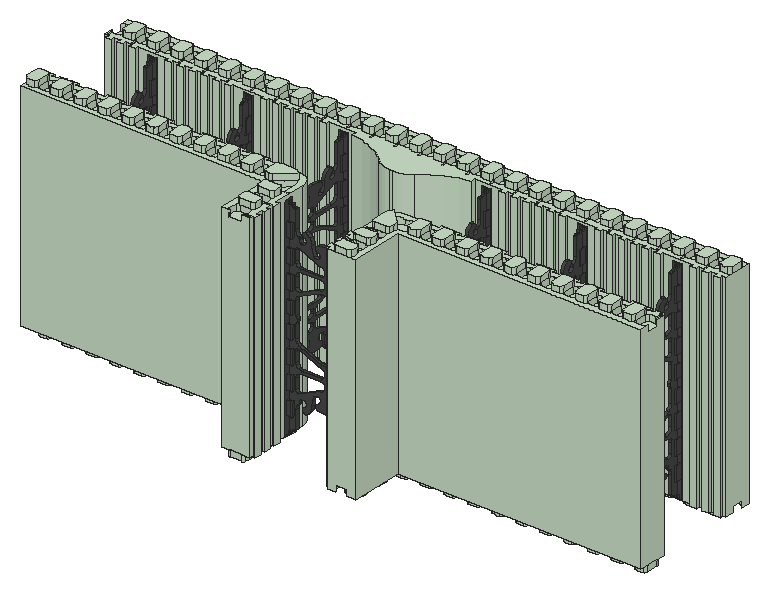
Revit family (continued)
Forms (in)
  Extrusion 46, void
    sketch origin (7.99998, -0.00002, 0) x (0, -1, 0) y (1, 0, 0)
      loop
        arc (-5.13595, -25.8269) -> (-5.04517, -25.95213) -> (-4.89808, -25.99998) r 0.25
        line (-4.89808, -25.99998) -> (-3.97692, -25.99998)
        arc (-3.97692, -25.99998) -> (-3.88568, -25.98274) -> (-3.80702, -25.93338) r 0.25
        arc (-3.80702, -25.93338) -> (-3.78736, -25.92104) -> (-3.76455, -25.91673) r 0.0625
        line (-3.76455, -25.91673) -> (-3.41845, -25.91673) -> (-3.41845, -25.7459) -> (-3.64005, -25.7459)
        arc (-3.64005, -25.7459) -> (-3.68771, -25.72383) -> (-3.70172, -25.67321) r 0.0625
        arc (-3.70172, -25.67321) -> (-3.69045, -25.4209) -> (-3.73905, -25.17306) r 1.0625
        arc (-3.73905, -25.17306) -> (-3.82983, -25.04783) -> (-3.97692, -24.99998) r 0.25
        line (-3.97692, -24.99998) -> (-4.89808, -24.99998)
        arc (-4.89808, -24.99998) -> (-5.04517, -25.04783) -> (-5.13595, -25.17306) r 0.25
    from 18 to 17.5
  Extrusion 47, void
    sketch origin (9.99998, -0.00002, 0) x (0, -1, 0) y (1, 0, 0)
      loop
        arc (-5.13595, -25.17306) -> (-5.1875, -25.49998) -> (-5.13595, -25.8269) r 1.0625
        arc (-5.13595, -25.8269) -> (-5.04517, -25.95213) -> (-4.89808, -25.99998) r 0.25
        line (-4.89808, -25.99998) -> (-3.97692, -25.99998)
        arc (-3.97692, -25.99998) -> (-3.88568, -25.98274) -> (-3.80702, -25.93338) r 0.25
        arc (-3.80702, -25.93338) -> (-3.78736, -25.92104) -> (-3.76455, -25.91673) r 0.0625
        line (-3.76455, -25.91673) -> (-3.41845, -25.91673) -> (-3.41845, -25.7459) -> (-3.64005, -25.7459)
        arc (-3.64005, -25.7459) -> (-3.68771, -25.72383) -> (-3.70172, -25.67321) r 0.0625
        arc (-3.70172, -25.67321) -> (-3.69045, -25.4209) -> (-3.73905, -25.17306) r 1.0625
        arc (-3.73905, -25.17306) -> (-3.82983, -25.04783) -> (-3.97692, -24.99998) r 0.25
        line (-3.97692, -24.99998) -> (-4.89808, -24.99998)
        arc (-4.89808, -24.99998) -> (-5.04517, -25.04783) -> (-5.13595, -25.17306) r 0.25
    from 18 to 17.5
  Extrusion 48, void
    sketch origin (11.99998, -0.00002, 0) x (0, -1, 0) y (1, 0, 0)
      loop
        arc (-5.13595, -25.17306) -> (-5.1875, -25.49998) -> (-5.13595, -25.8269) r 1.0625
        arc (-5.13595, -25.8269) -> (-5.04517, -25.95213) -> (-4.89808, -25.99998) r 0.25
        line (-4.89808, -25.99998) -> (-3.97692, -25.99998)
        arc (-3.97692, -25.99998) -> (-3.88568, -25.98274) -> (-3.80702, -25.93338) r 0.25
        arc (-3.80702, -25.93338) -> (-3.78736, -25.92104) -> (-3.76455, -25.91673) r 0.0625
        line (-3.76455, -25.91673) -> (-3.41845, -25.91673) -> (-3.41845, -25.7459) -> (-3.64005, -25.7459)
        arc (-3.64005, -25.7459) -> (-3.68771, -25.72383) -> (-3.70172, -25.67321) r 0.0625
        arc (-3.70172, -25.67321) -> (-3.69045, -25.4209) -> (-3.73905, -25.17306) r 1.0625
        arc (-3.73905, -25.17306) -> (-3.82983, -25.04783) -> (-3.97692, -24.99998) r 0.25
        line (-3.97692, -24.99998) -> (-4.89808, -24.99998)
        arc (-4.89808, -24.99998) -> (-5.04517, -25.04783) -> (-5.13595, -25.17306) r 0.25
    from 18 to 17.5
  Extrusion 49, void
    sketch origin (13.99998, -0.00002, 0) x (0, -1, 0) y (1, 0, 0)
      loop
        arc (-5.13595, -25.17306) -> (-5.1875, -25.49998) -> (-5.13595, -25.8269) r 1.0625
        arc (-5.13595, -25.8269) -> (-5.04517, -25.95213) -> (-4.89808, -25.99998) r 0.25
        line (-4.89808, -25.99998) -> (-3.97692, -25.99998)
        arc (-3.97692, -25.99998) -> (-3.88568, -25.98274) -> (-3.80702, -25.93338) r 0.25
        arc (-3.80702, -25.93338) -> (-3.78736, -25.92104) -> (-3.76455, -25.91673) r 0.0625
        line (-3.76455, -25.91673) -> (-3.41845, -25.91673) -> (-3.41845, -25.7459) -> (-3.64005, -25.7459)
        arc (-3.64005, -25.7459) -> (-3.68771, -25.72383) -> (-3.70172, -25.67321) r 0.0625
        arc (-3.70172, -25.67321) -> (-3.69045, -25.4209) -> (-3.73905, -25.17306) r 1.0625
        arc (-3.73905, -25.17306) -> (-3.82983, -25.04783) -> (-3.97692, -24.99998) r 0.25
        line (-3.97692, -24.99998) -> (-4.89808, -24.99998)
        arc (-4.89808, -24.99998) -> (-5.04517, -25.04783) -> (-5.13595, -25.17306) r 0.25
    from 18 to 17.5
  Extrusion 50, void
    sketch origin (5.99998, -0.00002, 0) x (0, -1, 0) y (1, 0, 0)
      loop
        arc (-5.13595, -25.17306) -> (-5.1875, -25.49998) -> (-5.13595, -25.8269) r 1.0625
        arc (-5.13595, -25.8269) -> (-5.04517, -25.95213) -> (-4.89808, -25.99998) r 0.25
        line (-4.89808, -25.99998) -> (-3.97692, -25.99998)
        arc (-3.97692, -25.99998) -> (-3.88568, -25.98274) -> (-3.80702, -25.93338) r 0.25
        arc (-3.80702, -25.93338) -> (-3.78736, -25.92104) -> (-3.76455, -25.91673) r 0.0625
        line (-3.76455, -25.91673) -> (-3.41845, -25.91673) -> (-3.41845, -25.7459) -> (-3.64005, -25.7459)
        arc (-3.64005, -25.7459) -> (-3.68771, -25.72383) -> (-3.70172, -25.67321) r 0.0625
        arc (-3.70172, -25.67321) -> (-3.69045, -25.4209) -> (-3.73905, -25.17306) r 1.0625
        arc (-3.73905, -25.17306) -> (-3.82983, -25.04783) -> (-3.97692, -24.99998) r 0.25
        line (-3.97692, -24.99998) -> (-4.89808, -24.99998)
        arc (-4.89808, -24.99998) -> (-5.04517, -25.04783) -> (-5.13595, -25.17306) r 0.25
    from 18 to 17.5
  Extrusion 51, void
    sketch origin (-0.00002, -0.00002, 0) x (0, -1, 0) y (1, 0, 0)
      loop
        arc (-5.13595, -25.17306) -> (-5.1875, -25.49998) -> (-5.13595, -25.8269) r 1.0625
        arc (-5.13595, -25.8269) -> (-5.04517, -25.95213) -> (-4.89808, -25.99998) r 0.25
        line (-4.89808, -25.99998) -> (-3.97692, -25.99998)
        arc (-3.97692, -25.99998) -> (-3.88568, -25.98274) -> (-3.80702, -25.93338) r 0.25
        arc (-3.80702, -25.93338) -> (-3.78736, -25.92104) -> (-3.76455, -25.91673) r 0.0625
        line (-3.76455, -25.91673) -> (-3.41845, -25.91673) -> (-3.41845, -25.7459) -> (-3.64005, -25.7459)
        arc (-3.64005, -25.7459) -> (-3.68771, -25.72383) -> (-3.70172, -25.67321) r 0.0625
        arc (-3.70172, -25.67321) -> (-3.69045, -25.4209) -> (-3.73905, -25.17306) r 1.0625
        arc (-3.73905, -25.17306) -> (-3.82983, -25.04783) -> (-3.97692, -24.99998) r 0.25
        line (-3.97692, -24.99998) -> (-4.89808, -24.99998)
        arc (-4.89808, -24.99998) -> (-5.04517, -25.04783) -> (-5.13595, -25.17306) r 0.25
    from 18 to 17.5
  Extrusion 52, void
    sketch origin (1.99998, -0.00002, 0) x (0, -1, 0) y (1, 0, 0)
      loop
        arc (-5.13595, -25.17306) -> (-5.1875, -25.49998) -> (-5.13595, -25.8269) r 1.0625
        arc (-5.13595, -25.8269) -> (-5.04517, -25.95213) -> (-4.89808, -25.99998) r 0.25
        line (-4.89808, -25.99998) -> (-3.97692, -25.99998)
        arc (-3.97692, -25.99998) -> (-3.88568, -25.98274) -> (-3.80702, -25.93338) r 0.25
        arc (-3.80702, -25.93338) -> (-3.78736, -25.92104) -> (-3.76455, -25.91673) r 0.0625
        line (-3.76455, -25.91673) -> (-3.41845, -25.91673) -> (-3.41845, -25.7459) -> (-3.64005, -25.7459)
        arc (-3.64005, -25.7459) -> (-3.68771, -25.72383) -> (-3.70172, -25.67321) r 0.0625
        arc (-3.70172, -25.67321) -> (-3.69045, -25.4209) -> (-3.73905, -25.17306) r 1.0625
        arc (-3.73905, -25.17306) -> (-3.82983, -25.04783) -> (-3.97692, -24.99998) r 0.25
        line (-3.97692, -24.99998) -> (-4.89808, -24.99998)
        arc (-4.89808, -24.99998) -> (-5.04517, -25.04783) -> (-5.13595, -25.17306) r 0.25
    from 18 to 17.5
  Extrusion 53, void
    sketch origin (3.99998, -0.00002, 0) x (0, -1, 0) y (1, 0, 0)
      loop
        arc (-5.13595, -25.17306) -> (-5.1875, -25.49998) -> (-5.13595, -25.8269) r 1.0625
        arc (-5.13595, -25.8269) -> (-5.04517, -25.95213) -> (-4.89808, -25.99998) r 0.25
        line (-4.89808, -25.99998) -> (-3.97692, -25.99998)
        arc (-3.97692, -25.99998) -> (-3.88568, -25.98274) -> (-3.80702, -25.93338) r 0.25
        arc (-3.80702, -25.93338) -> (-3.78736, -25.92104) -> (-3.76455, -25.91673) r 0.0625
        line (-3.76455, -25.91673) -> (-3.41845, -25.91673) -> (-3.41845, -25.7459) -> (-3.64005, -25.7459)
        arc (-3.64005, -25.7459) -> (-3.68771, -25.72383) -> (-3.70172, -25.67321) r 0.0625
        arc (-3.70172, -25.67321) -> (-3.69045, -25.4209) -> (-3.73905, -25.17306) r 1.0625
        arc (-3.73905, -25.17306) -> (-3.82983, -25.04783) -> (-3.97692, -24.99998) r 0.25
        line (-3.97692, -24.99998) -> (-4.89808, -24.99998)
        arc (-4.89808, -24.99998) -> (-5.04517, -25.04783) -> (-5.13595, -25.17306) r 0.25
    from 18 to 17.5
  Extrusion 54, void
    sketch origin (-35.99998, 0.00002, 0) x (0, 1, 0) y (-1, 0, 0)
      loop
        arc (-5.13595, -25.17306) -> (-5.1875, -25.49998) -> (-5.13595, -25.8269) r 1.0625
        arc (-5.13595, -25.8269) -> (-5.04517, -25.95213) -> (-4.89808, -25.99998) r 0.25
        line (-4.89808, -25.99998) -> (-3.97692, -25.99998)
        arc (-3.97692, -25.99998) -> (-3.88568, -25.98274) -> (-3.80702, -25.93338) r 0.25
        arc (-3.80702, -25.93338) -> (-3.78736, -25.92104) -> (-3.76455, -25.91673) r 0.0625
        line (-3.76455, -25.91673) -> (-3.41845, -25.91673) -> (-3.41845, -25.7459) -> (-3.64005, -25.7459)
        arc (-3.64005, -25.7459) -> (-3.68771, -25.72383) -> (-3.70172, -25.67321) r 0.0625
        arc (-3.70172, -25.67321) -> (-3.69045, -25.4209) -> (-3.73905, -25.17306) r 1.0625
        arc (-3.73905, -25.17306) -> (-3.82983, -25.04783) -> (-3.97692, -24.99998) r 0.25
        line (-3.97692, -24.99998) -> (-4.89808, -24.99998)
        arc (-4.89808, -24.99998) -> (-5.04517, -25.04783) -> (-5.13595, -25.17306) r 0.25
    from 18 to 17.5
  Extrusion 55, void
    sketch origin (-37.99998, 0.00002, 0) x (0, 1, 0) y (-1, 0, 0)
      loop
        arc (-5.13595, -25.17306) -> (-5.1875, -25.49998) -> (-5.13595, -25.8269) r 1.0625
        arc (-5.13595, -25.8269) -> (-5.04517, -25.95213) -> (-4.89808, -25.99998) r 0.25
        line (-4.89808, -25.99998) -> (-3.97692, -25.99998)
        arc (-3.97692, -25.99998) -> (-3.88568, -25.98274) -> (-3.80702, -25.93338) r 0.25
        arc (-3.80702, -25.93338) -> (-3.78736, -25.92104) -> (-3.76455, -25.91673) r 0.0625
        line (-3.76455, -25.91673) -> (-3.41845, -25.91673) -> (-3.41845, -25.7459) -> (-3.64005, -25.7459)
        arc (-3.64005, -25.7459) -> (-3.68771, -25.72383) -> (-3.70172, -25.67321) r 0.0625
        arc (-3.70172, -25.67321) -> (-3.69045, -25.4209) -> (-3.73905, -25.17306) r 1.0625
        arc (-3.73905, -25.17306) -> (-3.82983, -25.04783) -> (-3.97692, -24.99998) r 0.25
        line (-3.97692, -24.99998) -> (-4.89808, -24.99998)
        arc (-4.89808, -24.99998) -> (-5.04517, -25.04783) -> (-5.13595, -25.17306) r 0.25
    from 18 to 17.5
  Extrusion 56, void
    sketch origin (-39.99998, 0.00002, 0) x (0, 1, 0) y (-1, 0, 0)
      loop
        arc (-5.13595, -25.17306) -> (-5.1875, -25.49998) -> (-5.13595, -25.8269) r 1.0625
        arc (-5.13595, -25.8269) -> (-5.04517, -25.95213) -> (-4.89808, -25.99998) r 0.25
        line (-4.89808, -25.99998) -> (-3.97692, -25.99998)
        arc (-3.97692, -25.99998) -> (-3.88568, -25.98274) -> (-3.80702, -25.93338) r 0.25
        arc (-3.80702, -25.93338) -> (-3.78736, -25.92104) -> (-3.76455, -25.91673) r 0.0625
        line (-3.76455, -25.91673) -> (-3.41845, -25.91673) -> (-3.41845, -25.7459) -> (-3.64005, -25.7459)
        arc (-3.64005, -25.7459) -> (-3.68771, -25.72383) -> (-3.70172, -25.67321) r 0.0625
        arc (-3.70172, -25.67321) -> (-3.69045, -25.4209) -> (-3.73905, -25.17306) r 1.0625
        arc (-3.73905, -25.17306) -> (-3.82983, -25.04783) -> (-3.97692, -24.99998) r 0.25
        line (-3.97692, -24.99998) -> (-4.89808, -24.99998)
        arc (-4.89808, -24.99998) -> (-5.04517, -25.04783) -> (-5.13595, -25.17306) r 0.25
    from 18 to 17.5
  Extrusion 57, void
    sketch origin (-41.99998, 0.00002, 0) x (0, 1, 0) y (-1, 0, 0)
      loop
        arc (-5.13595, -25.17306) -> (-5.1875, -25.49998) -> (-5.13595, -25.8269) r 1.0625
        arc (-5.13595, -25.8269) -> (-5.04517, -25.95213) -> (-4.89808, -25.99998) r 0.25
        line (-4.89808, -25.99998) -> (-3.97692, -25.99998)
        arc (-3.97692, -25.99998) -> (-3.88568, -25.98274) -> (-3.80702, -25.93338) r 0.25
        arc (-3.80702, -25.93338) -> (-3.78736, -25.92104) -> (-3.76455, -25.91673) r 0.0625
        line (-3.76455, -25.91673) -> (-3.41845, -25.91673) -> (-3.41845, -25.7459) -> (-3.64005, -25.7459)
        arc (-3.64005, -25.7459) -> (-3.68771, -25.72383) -> (-3.70172, -25.67321) r 0.0625
        arc (-3.70172, -25.67321) -> (-3.69045, -25.4209) -> (-3.73905, -25.17306) r 1.0625
        arc (-3.73905, -25.17306) -> (-3.82983, -25.04783) -> (-3.97692, -24.99998) r 0.25
        line (-3.97692, -24.99998) -> (-4.89808, -24.99998)
        arc (-4.89808, -24.99998) -> (-5.04517, -25.04783) -> (-5.13595, -25.17306) r 0.25
    from 18 to 17.5
  Extrusion 58, void
    sketch origin (-43.99998, 0.00002, 0) x (0, 1, 0) y (-1, 0, 0)
      loop
        arc (-5.13595, -25.17306) -> (-5.1875, -25.49998) -> (-5.13595, -25.8269) r 1.0625
        arc (-5.13595, -25.8269) -> (-5.04517, -25.95213) -> (-4.89808, -25.99998) r 0.25
        line (-4.89808, -25.99998) -> (-3.97692, -25.99998)
        arc (-3.97692, -25.99998) -> (-3.88568, -25.98274) -> (-3.80702, -25.93338) r 0.25
        arc (-3.80702, -25.93338) -> (-3.78736, -25.92104) -> (-3.76455, -25.91673) r 0.0625
        line (-3.76455, -25.91673) -> (-3.41845, -25.91673) -> (-3.41845, -25.7459) -> (-3.64005, -25.7459)
        arc (-3.64005, -25.7459) -> (-3.68771, -25.72383) -> (-3.70172, -25.67321) r 0.0625
        arc (-3.70172, -25.67321) -> (-3.69045, -25.4209) -> (-3.73905, -25.17306) r 1.0625
        arc (-3.73905, -25.17306) -> (-3.82983, -25.04783) -> (-3.97692, -24.99998) r 0.25
        line (-3.97692, -24.99998) -> (-4.89808, -24.99998)
        arc (-4.89808, -24.99998) -> (-5.04517, -25.04783) -> (-5.13595, -25.17306) r 0.25
    from 18 to 17.5
  Extrusion 59, void
    sketch origin (-45.99998, 0.00002, 0) x (0, 1, 0) y (-1, 0, 0)
      loop
        arc (-5.13595, -25.17306) -> (-5.1875, -25.49998) -> (-5.13595, -25.8269) r 1.0625
        arc (-5.13595, -25.8269) -> (-5.04517, -25.95213) -> (-4.89808, -25.99998) r 0.25
        line (-4.89808, -25.99998) -> (-3.97692, -25.99998)
        arc (-3.97692, -25.99998) -> (-3.88568, -25.98274) -> (-3.80702, -25.93338) r 0.25
        arc (-3.80702, -25.93338) -> (-3.78736, -25.92104) -> (-3.76455, -25.91673) r 0.0625
        line (-3.76455, -25.91673) -> (-3.41845, -25.91673) -> (-3.41845, -25.7459) -> (-3.64005, -25.7459)
        arc (-3.64005, -25.7459) -> (-3.68771, -25.72383) -> (-3.70172, -25.67321) r 0.0625
        arc (-3.70172, -25.67321) -> (-3.69045, -25.4209) -> (-3.73905, -25.17306) r 1.0625
        arc (-3.73905, -25.17306) -> (-3.82983, -25.04783) -> (-3.97692, -24.99998) r 0.25
        line (-3.97692, -24.99998) -> (-4.89808, -24.99998)
        arc (-4.89808, -24.99998) -> (-5.04517, -25.04783) -> (-5.13595, -25.17306) r 0.25
    from 18 to 17.5
  Extrusion 60, void
    sketch origin (-47.99998, 0.00002, 0) x (0, 1, 0) y (-1, 0, 0)
      loop
        arc (-5.13595, -25.17306) -> (-5.1875, -25.49998) -> (-5.13595, -25.8269) r 1.0625
        arc (-5.13595, -25.8269) -> (-5.04517, -25.95213) -> (-4.89808, -25.99998) r 0.25
        line (-4.89808, -25.99998) -> (-3.97692, -25.99998)
        arc (-3.97692, -25.99998) -> (-3.88568, -25.98274) -> (-3.80702, -25.93338) r 0.25
        arc (-3.80702, -25.93338) -> (-3.78736, -25.92104) -> (-3.76455, -25.91673) r 0.0625
        line (-3.76455, -25.91673) -> (-3.41845, -25.91673) -> (-3.41845, -25.7459) -> (-3.64005, -25.7459)
        arc (-3.64005, -25.7459) -> (-3.68771, -25.72383) -> (-3.70172, -25.67321) r 0.0625
        arc (-3.70172, -25.67321) -> (-3.69045, -25.4209) -> (-3.73905, -25.17306) r 1.0625
        arc (-3.73905, -25.17306) -> (-3.82983, -25.04783) -> (-3.97692, -24.99998) r 0.25
        line (-3.97692, -24.99998) -> (-4.89808, -24.99998)
        arc (-4.89808, -24.99998) -> (-5.04517, -25.04783) -> (-5.13595, -25.17306) r 0.25
    from 18 to 17.5
  Extrusion 61, void
    sketch origin (-49.99998, 0.00002, 0) x (0, 1, 0) y (-1, 0, 0)
      loop
        arc (-5.13595, -25.17306) -> (-5.1875, -25.49998) -> (-5.13595, -25.8269) r 1.0625
        arc (-5.13595, -25.8269) -> (-5.04517, -25.95213) -> (-4.89808, -25.99998) r 0.25
        line (-4.89808, -25.99998) -> (-3.97692, -25.99998)
        arc (-3.97692, -25.99998) -> (-3.88568, -25.98274) -> (-3.80702, -25.93338) r 0.25
        arc (-3.80702, -25.93338) -> (-3.78736, -25.92104) -> (-3.76455, -25.91673) r 0.0625
        line (-3.76455, -25.91673) -> (-3.41845, -25.91673) -> (-3.41845, -25.7459) -> (-3.64005, -25.7459)
        arc (-3.64005, -25.7459) -> (-3.68771, -25.72383) -> (-3.70172, -25.67321) r 0.0625
        arc (-3.70172, -25.67321) -> (-3.69045, -25.4209) -> (-3.73905, -25.17306) r 1.0625
        arc (-3.73905, -25.17306) -> (-3.82983, -25.04783) -> (-3.97692, -24.99998) r 0.25
        line (-3.97692, -24.99998) -> (-4.89808, -24.99998)
        arc (-4.89808, -24.99998) -> (-5.04517, -25.04783) -> (-5.13595, -25.17306) r 0.25
    from 18 to 17.5
  Extrusion 62, void
    sketch origin (-13.99998, 0.00002, 0) x (0, 1, 0) y (-1, 0, 0)
      loop
        arc (-5.13595, -25.17306) -> (-5.1875, -25.49998) -> (-5.13595, -25.8269) r 1.0625
        arc (-5.13595, -25.8269) -> (-5.04517, -25.95213) -> (-4.89808, -25.99998) r 0.25
        line (-4.89808, -25.99998) -> (-3.97692, -25.99998)
        arc (-3.97692, -25.99998) -> (-3.88568, -25.98274) -> (-3.80702, -25.93338) r 0.25
        arc (-3.80702, -25.93338) -> (-3.78736, -25.92104) -> (-3.76455, -25.91673) r 0.0625
        line (-3.76455, -25.91673) -> (-3.41845, -25.91673) -> (-3.41845, -25.7459) -> (-3.64005, -25.7459)
        arc (-3.64005, -25.7459) -> (-3.68771, -25.72383) -> (-3.70172, -25.67321) r 0.0625
        arc (-3.70172, -25.67321) -> (-3.69045, -25.4209) -> (-3.73905, -25.17306) r 1.0625
        arc (-3.73905, -25.17306) -> (-3.82983, -25.04783) -> (-3.97692, -24.99998) r 0.25
        line (-3.97692, -24.99998) -> (-4.89808, -24.99998)
        arc (-4.89808, -24.99998) -> (-5.04517, -25.04783) -> (-5.13595, -25.17306) r 0.25
    from 18 to 17.5
  Extrusion 63, void
    sketch origin (-11.99998, 0.00002, 0) x (0, 1, 0) y (-1, 0, 0)
      loop
        arc (-5.13595, -25.17306) -> (-5.1875, -25.49998) -> (-5.13595, -25.8269) r 1.0625
        arc (-5.13595, -25.8269) -> (-5.04517, -25.95213) -> (-4.89808, -25.99998) r 0.25
        line (-4.89808, -25.99998) -> (-3.97692, -25.99998)
        arc (-3.97692, -25.99998) -> (-3.88568, -25.98274) -> (-3.80702, -25.93338) r 0.25
        arc (-3.80702, -25.93338) -> (-3.78736, -25.92104) -> (-3.76455, -25.91673) r 0.0625
        line (-3.76455, -25.91673) -> (-3.41845, -25.91673) -> (-3.41845, -25.7459) -> (-3.64005, -25.7459)
        arc (-3.64005, -25.7459) -> (-3.68771, -25.72383) -> (-3.70172, -25.67321) r 0.0625
        arc (-3.70172, -25.67321) -> (-3.69045, -25.4209) -> (-3.73905, -25.17306) r 1.0625
        arc (-3.73905, -25.17306) -> (-3.82983, -25.04783) -> (-3.97692, -24.99998) r 0.25
        line (-3.97692, -24.99998) -> (-4.89808, -24.99998)
        arc (-4.89808, -24.99998) -> (-5.04517, -25.04783) -> (-5.13595, -25.17306) r 0.25
    from 18 to 17.5
  Extrusion 64, void
    sketch origin (-9.99998, 0.00002, 0) x (0, 1, 0) y (-1, 0, 0)
      loop
        arc (-5.13595, -25.17306) -> (-5.1875, -25.49998) -> (-5.13595, -25.8269) r 1.0625
        arc (-5.13595, -25.8269) -> (-5.04517, -25.95213) -> (-4.89808, -25.99998) r 0.25
        line (-4.89808, -25.99998) -> (-3.97692, -25.99998)
        arc (-3.97692, -25.99998) -> (-3.88568, -25.98274) -> (-3.80702, -25.93338) r 0.25
        arc (-3.80702, -25.93338) -> (-3.78736, -25.92104) -> (-3.76455, -25.91673) r 0.0625
        line (-3.76455, -25.91673) -> (-3.41845, -25.91673) -> (-3.41845, -25.7459) -> (-3.64005, -25.7459)
        arc (-3.64005, -25.7459) -> (-3.68771, -25.72383) -> (-3.70172, -25.67321) r 0.0625
        arc (-3.70172, -25.67321) -> (-3.69045, -25.4209) -> (-3.73905, -25.17306) r 1.0625
        arc (-3.73905, -25.17306) -> (-3.82983, -25.04783) -> (-3.97692, -24.99998) r 0.25
        line (-3.97692, -24.99998) -> (-4.89808, -24.99998)
        arc (-4.89808, -24.99998) -> (-5.04517, -25.04783) -> (-5.13595, -25.17306) r 0.25
    from 18 to 17.5
  Extrusion 65, void
    sketch origin (-7.99998, 0.00002, 0) x (0, 1, 0) y (-1, 0, 0)
      loop
        arc (-5.13595, -25.17306) -> (-5.1875, -25.49998) -> (-5.13595, -25.8269) r 1.0625
        arc (-5.13595, -25.8269) -> (-5.04517, -25.95213) -> (-4.89808, -25.99998) r 0.25
        line (-4.89808, -25.99998) -> (-3.97692, -25.99998)
        arc (-3.97692, -25.99998) -> (-3.88568, -25.98274) -> (-3.80702, -25.93338) r 0.25
        arc (-3.80702, -25.93338) -> (-3.78736, -25.92104) -> (-3.76455, -25.91673) r 0.0625
        line (-3.76455, -25.91673) -> (-3.41845, -25.91673) -> (-3.41845, -25.7459) -> (-3.64005, -25.7459)
        arc (-3.64005, -25.7459) -> (-3.68771, -25.72383) -> (-3.70172, -25.67321) r 0.0625
        arc (-3.70172, -25.67321) -> (-3.69045, -25.4209) -> (-3.73905, -25.17306) r 1.0625
        arc (-3.73905, -25.17306) -> (-3.82983, -25.04783) -> (-3.97692, -24.99998) r 0.25
        line (-3.97692, -24.99998) -> (-4.89808, -24.99998)
        arc (-4.89808, -24.99998) -> (-5.04517, -25.04783) -> (-5.13595, -25.17306) r 0.25
    from 18 to 17.5
  Extrusion 66, void
    sketch origin (-5.99998, 0.00002, 0) x (0, 1, 0) y (-1, 0, 0)
      loop
        arc (-5.13595, -25.17306) -> (-5.1875, -25.49998) -> (-5.13595, -25.8269) r 1.0625
        arc (-5.13595, -25.8269) -> (-5.04517, -25.95213) -> (-4.89808, -25.99998) r 0.25
        line (-4.89808, -25.99998) -> (-3.97692, -25.99998)
        arc (-3.97692, -25.99998) -> (-3.88568, -25.98274) -> (-3.80702, -25.93338) r 0.25
        arc (-3.80702, -25.93338) -> (-3.78736, -25.92104) -> (-3.76455, -25.91673) r 0.0625
        line (-3.76455, -25.91673) -> (-3.41845, -25.91673) -> (-3.41845, -25.7459) -> (-3.64005, -25.7459)
        arc (-3.64005, -25.7459) -> (-3.68771, -25.72383) -> (-3.70172, -25.67321) r 0.0625
        arc (-3.70172, -25.67321) -> (-3.69045, -25.4209) -> (-3.73905, -25.17306) r 1.0625
        arc (-3.73905, -25.17306) -> (-3.82983, -25.04783) -> (-3.97692, -24.99998) r 0.25
        line (-3.97692, -24.99998) -> (-4.89808, -24.99998)
        arc (-4.89808, -24.99998) -> (-5.04517, -25.04783) -> (-5.13595, -25.17306) r 0.25
    from 18 to 17.5
  Extrusion 67, void
    sketch origin (-3.99998, 0.00002, 0) x (0, 1, 0) y (-1, 0, 0)
      loop
        arc (-5.13595, -25.17306) -> (-5.1875, -25.49998) -> (-5.13595, -25.8269) r 1.0625
        arc (-5.13595, -25.8269) -> (-5.04517, -25.95213) -> (-4.89808, -25.99998) r 0.25
        line (-4.89808, -25.99998) -> (-3.97692, -25.99998)
        arc (-3.97692, -25.99998) -> (-3.88568, -25.98274) -> (-3.80702, -25.93338) r 0.25
        arc (-3.80702, -25.93338) -> (-3.78736, -25.92104) -> (-3.76455, -25.91673) r 0.0625
        line (-3.76455, -25.91673) -> (-3.41845, -25.91673) -> (-3.41845, -25.7459) -> (-3.64005, -25.7459)
        arc (-3.64005, -25.7459) -> (-3.68771, -25.72383) -> (-3.70172, -25.67321) r 0.0625
        arc (-3.70172, -25.67321) -> (-3.69045, -25.4209) -> (-3.73905, -25.17306) r 1.0625
        arc (-3.73905, -25.17306) -> (-3.82983, -25.04783) -> (-3.97692, -24.99998) r 0.25
        line (-3.97692, -24.99998) -> (-4.89808, -24.99998)
        arc (-4.89808, -24.99998) -> (-5.04517, -25.04783) -> (-5.13595, -25.17306) r 0.25
    from 18 to 17.5
  Extrusion 68, void
    sketch origin (-1.99998, 0.00002, 0) x (0, 1, 0) y (-1, 0, 0)
      loop
        arc (-5.13595, -25.17306) -> (-5.1875, -25.49998) -> (-5.13595, -25.8269) r 1.0625
        arc (-5.13595, -25.8269) -> (-5.04517, -25.95213) -> (-4.89808, -25.99998) r 0.25
        line (-4.89808, -25.99998) -> (-3.97692, -25.99998)
        arc (-3.97692, -25.99998) -> (-3.88568, -25.98274) -> (-3.80702, -25.93338) r 0.25
        arc (-3.80702, -25.93338) -> (-3.78736, -25.92104) -> (-3.76455, -25.91673) r 0.0625
        line (-3.76455, -25.91673) -> (-3.41845, -25.91673) -> (-3.41845, -25.7459) -> (-3.64005, -25.7459)
        arc (-3.64005, -25.7459) -> (-3.68771, -25.72383) -> (-3.70172, -25.67321) r 0.0625
        arc (-3.70172, -25.67321) -> (-3.69045, -25.4209) -> (-3.73905, -25.17306) r 1.0625
        arc (-3.73905, -25.17306) -> (-3.82983, -25.04783) -> (-3.97692, -24.99998) r 0.25
        line (-3.97692, -24.99998) -> (-4.89808, -24.99998)
        arc (-4.89808, -24.99998) -> (-5.04517, -25.04783) -> (-5.13595, -25.17306) r 0.25
    from 18 to 17.5
  Extrusion 69, void
    sketch origin (0.00002, 0.00002, 0) x (0, 1, 0) y (-1, 0, 0)
      loop
        arc (-5.13595, -25.17306) -> (-5.1875, -25.49998) -> (-5.13595, -25.8269) r 1.0625
        arc (-5.13595, -25.8269) -> (-5.04517, -25.95213) -> (-4.89808, -25.99998) r 0.25
        line (-4.89808, -25.99998) -> (-3.97692, -25.99998)
        arc (-3.97692, -25.99998) -> (-3.88568, -25.98274) -> (-3.80702, -25.93338) r 0.25
        arc (-3.80702, -25.93338) -> (-3.78736, -25.92104) -> (-3.76455, -25.91673) r 0.0625
        line (-3.76455, -25.91673) -> (-3.41845, -25.91673) -> (-3.41845, -25.7459) -> (-3.64005, -25.7459)
        arc (-3.64005, -25.7459) -> (-3.68771, -25.72383) -> (-3.70172, -25.67321) r 0.0625
        arc (-3.70172, -25.67321) -> (-3.69045, -25.4209) -> (-3.73905, -25.17306) r 1.0625
        arc (-3.73905, -25.17306) -> (-3.82983, -25.04783) -> (-3.97692, -24.99998) r 0.25
        line (-3.97692, -24.99998) -> (-4.89808, -24.99998)
        arc (-4.89808, -24.99998) -> (-5.04517, -25.04783) -> (-5.13595, -25.17306) r 0.25
    from 18 to 17.5
  Extrusion 70, void
    sketch origin (37.99998, -0.00002, 0) x (0, -1, 0) y (1, 0, 0)
      loop
        arc (-5.13595, -25.17306) -> (-5.1875, -25.49998) -> (-5.13595, -25.8269) r 1.0625
        arc (-5.13595, -25.8269) -> (-5.04517, -25.95213) -> (-4.89808, -25.99998) r 0.25
        line (-4.89808, -25.99998) -> (-3.97692, -25.99998)
        arc (-3.97692, -25.99998) -> (-3.88568, -25.98274) -> (-3.80702, -25.93338) r 0.25
        arc (-3.80702, -25.93338) -> (-3.78736, -25.92104) -> (-3.76455, -25.91673) r 0.0625
        line (-3.76455, -25.91673) -> (-3.41845, -25.91673) -> (-3.41845, -25.7459) -> (-3.64005, -25.7459)
        arc (-3.64005, -25.7459) -> (-3.68771, -25.72383) -> (-3.70172, -25.67321) r 0.0625
        arc (-3.70172, -25.67321) -> (-3.69045, -25.4209) -> (-3.73905, -25.17306) r 1.0625
        arc (-3.73905, -25.17306) -> (-3.82983, -25.04783) -> (-3.97692, -24.99998) r 0.25
        line (-3.97692, -24.99998) -> (-4.89808, -24.99998)
        arc (-4.89808, -24.99998) -> (-5.04517, -25.04783) -> (-5.13595, -25.17306) r 0.25
    from 18 to 17.5
  Extrusion 71, void
    sketch origin (39.99998, -0.00002, 0) x (0, -1, 0) y (1, 0, 0)
      loop
        arc (-5.13595, -25.17306) -> (-5.1875, -25.49998) -> (-5.13595, -25.8269) r 1.0625
        arc (-5.13595, -25.8269) -> (-5.04517, -25.95213) -> (-4.89808, -25.99998) r 0.25
        line (-4.89808, -25.99998) -> (-3.97692, -25.99998)
        arc (-3.97692, -25.99998) -> (-3.88568, -25.98274) -> (-3.80702, -25.93338) r 0.25
        arc (-3.80702, -25.93338) -> (-3.78736, -25.92104) -> (-3.76455, -25.91673) r 0.0625
        line (-3.76455, -25.91673) -> (-3.41845, -25.91673) -> (-3.41845, -25.7459) -> (-3.64005, -25.7459)
        arc (-3.64005, -25.7459) -> (-3.68771, -25.72383) -> (-3.70172, -25.67321) r 0.0625
        arc (-3.70172, -25.67321) -> (-3.69045, -25.4209) -> (-3.73905, -25.17306) r 1.0625
        arc (-3.73905, -25.17306) -> (-3.82983, -25.04783) -> (-3.97692, -24.99998) r 0.25
        line (-3.97692, -24.99998) -> (-4.89808, -24.99998)
        arc (-4.89808, -24.99998) -> (-5.04517, -25.04783) -> (-5.13595, -25.17306) r 0.25
    from 18 to 17.5
  Extrusion 72, void
    sketch origin (41.99998, -0.00002, 0) x (0, -1, 0) y (1, 0, 0)
      loop
        arc (-5.13595, -25.17306) -> (-5.1875, -25.49998) -> (-5.13595, -25.8269) r 1.0625
        arc (-5.13595, -25.8269) -> (-5.04517, -25.95213) -> (-4.89808, -25.99998) r 0.25
        line (-4.89808, -25.99998) -> (-3.97692, -25.99998)
        arc (-3.97692, -25.99998) -> (-3.88568, -25.98274) -> (-3.80702, -25.93338) r 0.25
        arc (-3.80702, -25.93338) -> (-3.78736, -25.92104) -> (-3.76455, -25.91673) r 0.0625
        line (-3.76455, -25.91673) -> (-3.41845, -25.91673) -> (-3.41845, -25.7459) -> (-3.64005, -25.7459)
        arc (-3.64005, -25.7459) -> (-3.68771, -25.72383) -> (-3.70172, -25.67321) r 0.0625
        arc (-3.70172, -25.67321) -> (-3.69045, -25.4209) -> (-3.73905, -25.17306) r 1.0625
        arc (-3.73905, -25.17306) -> (-3.82983, -25.04783) -> (-3.97692, -24.99998) r 0.25
        line (-3.97692, -24.99998) -> (-4.89808, -24.99998)
        arc (-4.89808, -24.99998) -> (-5.04517, -25.04783) -> (-5.13595, -25.17306) r 0.25
    from 18 to 17.5
  Extrusion 73, void
    sketch origin (43.99998, -0.00002, 0) x (0, -1, 0) y (1, 0, 0)
      loop
        arc (-5.13595, -25.17306) -> (-5.1875, -25.49998) -> (-5.13595, -25.8269) r 1.0625
        arc (-5.13595, -25.8269) -> (-5.04517, -25.95213) -> (-4.89808, -25.99998) r 0.25
        line (-4.89808, -25.99998) -> (-3.97692, -25.99998)
        arc (-3.97692, -25.99998) -> (-3.88568, -25.98274) -> (-3.80702, -25.93338) r 0.25
        arc (-3.80702, -25.93338) -> (-3.78736, -25.92104) -> (-3.76455, -25.91673) r 0.0625
        line (-3.76455, -25.91673) -> (-3.41845, -25.91673) -> (-3.41845, -25.7459) -> (-3.64005, -25.7459)
        arc (-3.64005, -25.7459) -> (-3.68771, -25.72383) -> (-3.70172, -25.67321) r 0.0625
        arc (-3.70172, -25.67321) -> (-3.69045, -25.4209) -> (-3.73905, -25.17306) r 1.0625
        arc (-3.73905, -25.17306) -> (-3.82983, -25.04783) -> (-3.97692, -24.99998) r 0.25
        line (-3.97692, -24.99998) -> (-4.89808, -24.99998)
        arc (-4.89808, -24.99998) -> (-5.04517, -25.04783) -> (-5.13595, -25.17306) r 0.25
    from 18 to 17.5
  Extrusion 74, void
    sketch origin (45.99998, -0.00002, 0) x (0, -1, 0) y (1, 0, 0)
      loop
        arc (-5.13595, -25.17306) -> (-5.1875, -25.49998) -> (-5.13595, -25.8269) r 1.0625
        arc (-5.13595, -25.8269) -> (-5.04517, -25.95213) -> (-4.89808, -25.99998) r 0.25
        line (-4.89808, -25.99998) -> (-3.97692, -25.99998)
        arc (-3.97692, -25.99998) -> (-3.88568, -25.98274) -> (-3.80702, -25.93338) r 0.25
        arc (-3.80702, -25.93338) -> (-3.78736, -25.92104) -> (-3.76455, -25.91673) r 0.0625
        line (-3.76455, -25.91673) -> (-3.41845, -25.91673) -> (-3.41845, -25.7459) -> (-3.64005, -25.7459)
        arc (-3.64005, -25.7459) -> (-3.68771, -25.72383) -> (-3.70172, -25.67321) r 0.0625
        arc (-3.70172, -25.67321) -> (-3.69045, -25.4209) -> (-3.73905, -25.17306) r 1.0625
        arc (-3.73905, -25.17306) -> (-3.82983, -25.04783) -> (-3.97692, -24.99998) r 0.25
        line (-3.97692, -24.99998) -> (-4.89808, -24.99998)
        arc (-4.89808, -24.99998) -> (-5.04517, -25.04783) -> (-5.13595, -25.17306) r 0.25
    from 18 to 17.5
  Extrusion 75, void
    sketch origin (47.99998, -0.00002, 0) x (0, -1, 0) y (1, 0, 0)
      loop
        arc (-5.13595, -25.17306) -> (-5.1875, -25.49998) -> (-5.13595, -25.8269) r 1.0625
        arc (-5.13595, -25.8269) -> (-5.04517, -25.95213) -> (-4.89808, -25.99998) r 0.25
        line (-4.89808, -25.99998) -> (-3.97692, -25.99998)
        arc (-3.97692, -25.99998) -> (-3.88568, -25.98274) -> (-3.80702, -25.93338) r 0.25
        arc (-3.80702, -25.93338) -> (-3.78736, -25.92104) -> (-3.76455, -25.91673) r 0.0625
        line (-3.76455, -25.91673) -> (-3.41845, -25.91673) -> (-3.41845, -25.7459) -> (-3.64005, -25.7459)
        arc (-3.64005, -25.7459) -> (-3.68771, -25.72383) -> (-3.70172, -25.67321) r 0.0625
        arc (-3.70172, -25.67321) -> (-3.69045, -25.4209) -> (-3.73905, -25.17306) r 1.0625
        arc (-3.73905, -25.17306) -> (-3.82983, -25.04783) -> (-3.97692, -24.99998) r 0.25
        line (-3.97692, -24.99998) -> (-4.89808, -24.99998)
        arc (-4.89808, -24.99998) -> (-5.04517, -25.04783) -> (-5.13595, -25.17306) r 0.25
    from 18 to 17.5
  Extrusion 76, void
    sketch origin (49.99998, -0.00002, 0) x (0, -1, 0) y (1, 0, 0)
      loop
        arc (-5.13595, -25.17306) -> (-5.1875, -25.49998) -> (-5.13595, -25.8269) r 1.0625
        arc (-5.13595, -25.8269) -> (-5.04517, -25.95213) -> (-4.89808, -25.99998) r 0.25
        line (-4.89808, -25.99998) -> (-3.97692, -25.99998)
        arc (-3.97692, -25.99998) -> (-3.88568, -25.98274) -> (-3.80702, -25.93338) r 0.25
        arc (-3.80702, -25.93338) -> (-3.78736, -25.92104) -> (-3.76455, -25.91673) r 0.0625
        line (-3.76455, -25.91673) -> (-3.41845, -25.91673) -> (-3.41845, -25.7459) -> (-3.64005, -25.7459)
        arc (-3.64005, -25.7459) -> (-3.68771, -25.72383) -> (-3.70172, -25.67321) r 0.0625
        arc (-3.70172, -25.67321) -> (-3.69045, -25.4209) -> (-3.73905, -25.17306) r 1.0625
        arc (-3.73905, -25.17306) -> (-3.82983, -25.04783) -> (-3.97692, -24.99998) r 0.25
        line (-3.97692, -24.99998) -> (-4.89808, -24.99998)
        arc (-4.89808, -24.99998) -> (-5.04517, -25.04783) -> (-5.13595, -25.17306) r 0.25
    from 18 to 17.5
  Extrusion 77, void
    sketch origin (35.99998, -0.00002, 0) x (0, -1, 0) y (1, 0, 0)
      loop
        arc (-5.13595, -25.17306) -> (-5.1875, -25.49998) -> (-5.13595, -25.8269) r 1.0625
        arc (-5.13595, -25.8269) -> (-5.04517, -25.95213) -> (-4.89808, -25.99998) r 0.25
        line (-4.89808, -25.99998) -> (-3.97692, -25.99998)
        arc (-3.97692, -25.99998) -> (-3.88568, -25.98274) -> (-3.80702, -25.93338) r 0.25
        arc (-3.80702, -25.93338) -> (-3.78736, -25.92104) -> (-3.76455, -25.91673) r 0.0625
        line (-3.76455, -25.91673) -> (-3.41845, -25.91673) -> (-3.41845, -25.7459) -> (-3.64005, -25.7459)
        arc (-3.64005, -25.7459) -> (-3.68771, -25.72383) -> (-3.70172, -25.67321) r 0.0625
        arc (-3.70172, -25.67321) -> (-3.69045, -25.4209) -> (-3.73905, -25.17306) r 1.0625
        arc (-3.73905, -25.17306) -> (-3.82983, -25.04783) -> (-3.97692, -24.99998) r 0.25
        line (-3.97692, -24.99998) -> (-4.89808, -24.99998)
        arc (-4.89808, -24.99998) -> (-5.04517, -25.04783) -> (-5.13595, -25.17306) r 0.25
    from 18 to 17.5
  Extrusion 78, void
    sketch origin (13.99998, 0.00002, 0) x (0, 1, 0) y (-1, 0, 0)
      loop
        arc (-5.13595, 25.17306) -> (-5.04517, 25.04783) -> (-4.89808, 24.99998) r 0.25
        line (-4.89808, 24.99998) -> (-3.97692, 24.99998)
        arc (-3.97692, 24.99998) -> (-3.82983, 25.04783) -> (-3.73905, 25.17306) r 0.25
        arc (-3.73905, 25.17306) -> (-3.69045, 25.4209) -> (-3.70172, 25.67321) r 1.0625
        arc (-3.70172, 25.67321) -> (-3.68771, 25.72383) -> (-3.64005, 25.7459) r 0.0625
        line (-3.64005, 25.7459) -> (-3.41845, 25.7459) -> (-3.41845, 25.91673) -> (-3.76455, 25.91673)
        arc (-3.76455, 25.91673) -> (-3.78736, 25.92104) -> (-3.80702, 25.93338) r 0.0625
        arc (-3.80702, 25.93338) -> (-3.88568, 25.98274) -> (-3.97692, 25.99998) r 0.25
        line (-3.97692, 25.99998) -> (-4.89808, 25.99998)
        arc (-4.89808, 25.99998) -> (-5.04517, 25.95213) -> (-5.13595, 25.8269) r 0.25
        arc (-5.13595, 25.8269) -> (-5.1875, 25.49998) -> (-5.13595, 25.17306) r 1.0625
    from 0 to 0.5
  Extrusion 79, void
    sketch origin (11.99998, 0.00002, 0) x (0, 1, 0) y (-1, 0, 0)
      loop
        arc (-5.13595, 25.17306) -> (-5.04517, 25.04783) -> (-4.89808, 24.99998) r 0.25
        line (-4.89808, 24.99998) -> (-3.97692, 24.99998)
        arc (-3.97692, 24.99998) -> (-3.82983, 25.04783) -> (-3.73905, 25.17306) r 0.25
        arc (-3.73905, 25.17306) -> (-3.69045, 25.4209) -> (-3.70172, 25.67321) r 1.0625
        arc (-3.70172, 25.67321) -> (-3.68771, 25.72383) -> (-3.64005, 25.7459) r 0.0625
        line (-3.64005, 25.7459) -> (-3.41845, 25.7459) -> (-3.41845, 25.91673) -> (-3.76455, 25.91673)
        arc (-3.76455, 25.91673) -> (-3.78736, 25.92104) -> (-3.80702, 25.93338) r 0.0625
        arc (-3.80702, 25.93338) -> (-3.88568, 25.98274) -> (-3.97692, 25.99998) r 0.25
        line (-3.97692, 25.99998) -> (-4.89808, 25.99998)
        arc (-4.89808, 25.99998) -> (-5.04517, 25.95213) -> (-5.13595, 25.8269) r 0.25
        arc (-5.13595, 25.8269) -> (-5.1875, 25.49998) -> (-5.13595, 25.17306) r 1.0625
    from 0 to 0.5
  Extrusion 80, void
    sketch origin (9.99998, 0.00002, 0) x (0, 1, 0) y (-1, 0, 0)
      loop
        arc (-5.13595, 25.17306) -> (-5.04517, 25.04783) -> (-4.89808, 24.99998) r 0.25
        line (-4.89808, 24.99998) -> (-3.97692, 24.99998)
        arc (-3.97692, 24.99998) -> (-3.82983, 25.04783) -> (-3.73905, 25.17306) r 0.25
        arc (-3.73905, 25.17306) -> (-3.69045, 25.4209) -> (-3.70172, 25.67321) r 1.0625
        arc (-3.70172, 25.67321) -> (-3.68771, 25.72383) -> (-3.64005, 25.7459) r 0.0625
        line (-3.64005, 25.7459) -> (-3.41845, 25.7459) -> (-3.41845, 25.91673) -> (-3.76455, 25.91673)
        arc (-3.76455, 25.91673) -> (-3.78736, 25.92104) -> (-3.80702, 25.93338) r 0.0625
        arc (-3.80702, 25.93338) -> (-3.88568, 25.98274) -> (-3.97692, 25.99998) r 0.25
        line (-3.97692, 25.99998) -> (-4.89808, 25.99998)
        arc (-4.89808, 25.99998) -> (-5.04517, 25.95213) -> (-5.13595, 25.8269) r 0.25
        arc (-5.13595, 25.8269) -> (-5.1875, 25.49998) -> (-5.13595, 25.17306) r 1.0625
    from 0 to 0.5
  Extrusion 81, void
    sketch origin (7.99998, 0.00002, 0) x (0, 1, 0) y (-1, 0, 0)
      loop
        arc (-5.13595, 25.17306) -> (-5.04517, 25.04783) -> (-4.89808, 24.99998) r 0.25
        line (-4.89808, 24.99998) -> (-3.97692, 24.99998)
        arc (-3.97692, 24.99998) -> (-3.82983, 25.04783) -> (-3.73905, 25.17306) r 0.25
        arc (-3.73905, 25.17306) -> (-3.69045, 25.4209) -> (-3.70172, 25.67321) r 1.0625
        arc (-3.70172, 25.67321) -> (-3.68771, 25.72383) -> (-3.64005, 25.7459) r 0.0625
        line (-3.64005, 25.7459) -> (-3.41845, 25.7459) -> (-3.41845, 25.91673) -> (-3.76455, 25.91673)
        arc (-3.76455, 25.91673) -> (-3.78736, 25.92104) -> (-3.80702, 25.93338) r 0.0625
        arc (-3.80702, 25.93338) -> (-3.88568, 25.98274) -> (-3.97692, 25.99998) r 0.25
        line (-3.97692, 25.99998) -> (-4.89808, 25.99998)
        arc (-4.89808, 25.99998) -> (-5.04517, 25.95213) -> (-5.13595, 25.8269) r 0.25
        arc (-5.13595, 25.8269) -> (-5.1875, 25.49998) -> (-5.13595, 25.17306) r 1.0625
    from 0 to 0.5
  Extrusion 82, void
    sketch origin (5.99998, 0.00002, 0) x (0, 1, 0) y (-1, 0, 0)
      loop
        arc (-5.13595, 25.17306) -> (-5.04517, 25.04783) -> (-4.89808, 24.99998) r 0.25
        line (-4.89808, 24.99998) -> (-3.97692, 24.99998)
        arc (-3.97692, 24.99998) -> (-3.82983, 25.04783) -> (-3.73905, 25.17306) r 0.25
        arc (-3.73905, 25.17306) -> (-3.69045, 25.4209) -> (-3.70172, 25.67321) r 1.0625
        arc (-3.70172, 25.67321) -> (-3.68771, 25.72383) -> (-3.64005, 25.7459) r 0.0625
        line (-3.64005, 25.7459) -> (-3.41845, 25.7459) -> (-3.41845, 25.91673) -> (-3.76455, 25.91673)
        arc (-3.76455, 25.91673) -> (-3.78736, 25.92104) -> (-3.80702, 25.93338) r 0.0625
        arc (-3.80702, 25.93338) -> (-3.88568, 25.98274) -> (-3.97692, 25.99998) r 0.25
        line (-3.97692, 25.99998) -> (-4.89808, 25.99998)
        arc (-4.89808, 25.99998) -> (-5.04517, 25.95213) -> (-5.13595, 25.8269) r 0.25
        arc (-5.13595, 25.8269) -> (-5.1875, 25.49998) -> (-5.13595, 25.17306) r 1.0625
    from 0 to 0.5
  Extrusion 83, void
    sketch origin (3.99998, 0.00002, 0) x (0, 1, 0) y (-1, 0, 0)
      loop
        arc (-5.13595, 25.17306) -> (-5.04517, 25.04783) -> (-4.89808, 24.99998) r 0.25
        line (-4.89808, 24.99998) -> (-3.97692, 24.99998)
        arc (-3.97692, 24.99998) -> (-3.82983, 25.04783) -> (-3.73905, 25.17306) r 0.25
        arc (-3.73905, 25.17306) -> (-3.69045, 25.4209) -> (-3.70172, 25.67321) r 1.0625
        arc (-3.70172, 25.67321) -> (-3.68771, 25.72383) -> (-3.64005, 25.7459) r 0.0625
        line (-3.64005, 25.7459) -> (-3.41845, 25.7459) -> (-3.41845, 25.91673) -> (-3.76455, 25.91673)
        arc (-3.76455, 25.91673) -> (-3.78736, 25.92104) -> (-3.80702, 25.93338) r 0.0625
        arc (-3.80702, 25.93338) -> (-3.88568, 25.98274) -> (-3.97692, 25.99998) r 0.25
        line (-3.97692, 25.99998) -> (-4.89808, 25.99998)
        arc (-4.89808, 25.99998) -> (-5.04517, 25.95213) -> (-5.13595, 25.8269) r 0.25
        arc (-5.13595, 25.8269) -> (-5.1875, 25.49998) -> (-5.13595, 25.17306) r 1.0625
    from 0 to 0.5
  Extrusion 84, void
    sketch origin (1.99998, 0.00002, 0) x (0, 1, 0) y (-1, 0, 0)
      loop
        arc (-5.13595, 25.17306) -> (-5.04517, 25.04783) -> (-4.89808, 24.99998) r 0.25
        line (-4.89808, 24.99998) -> (-3.97692, 24.99998)
        arc (-3.97692, 24.99998) -> (-3.82983, 25.04783) -> (-3.73905, 25.17306) r 0.25
        arc (-3.73905, 25.17306) -> (-3.69045, 25.4209) -> (-3.70172, 25.67321) r 1.0625
        arc (-3.70172, 25.67321) -> (-3.68771, 25.72383) -> (-3.64005, 25.7459) r 0.0625
        line (-3.64005, 25.7459) -> (-3.41845, 25.7459) -> (-3.41845, 25.91673) -> (-3.76455, 25.91673)
        arc (-3.76455, 25.91673) -> (-3.78736, 25.92104) -> (-3.80702, 25.93338) r 0.0625
        arc (-3.80702, 25.93338) -> (-3.88568, 25.98274) -> (-3.97692, 25.99998) r 0.25
        line (-3.97692, 25.99998) -> (-4.89808, 25.99998)
        arc (-4.89808, 25.99998) -> (-5.04517, 25.95213) -> (-5.13595, 25.8269) r 0.25
        arc (-5.13595, 25.8269) -> (-5.1875, 25.49998) -> (-5.13595, 25.17306) r 1.0625
    from 0 to 0.5
  Extrusion 85, void
    sketch origin (-0.00002, 0.00002, 0) x (0, 1, 0) y (-1, 0, 0)
      loop
        arc (-5.13595, 25.17306) -> (-5.04517, 25.04783) -> (-4.89808, 24.99998) r 0.25
        line (-4.89808, 24.99998) -> (-3.97692, 24.99998)
        arc (-3.97692, 24.99998) -> (-3.82983, 25.04783) -> (-3.73905, 25.17306) r 0.25
        arc (-3.73905, 25.17306) -> (-3.69045, 25.4209) -> (-3.70172, 25.67321) r 1.0625
        arc (-3.70172, 25.67321) -> (-3.68771, 25.72383) -> (-3.64005, 25.7459) r 0.0625
        line (-3.64005, 25.7459) -> (-3.41845, 25.7459) -> (-3.41845, 25.91673) -> (-3.76455, 25.91673)
        arc (-3.76455, 25.91673) -> (-3.78736, 25.92104) -> (-3.80702, 25.93338) r 0.0625
        arc (-3.80702, 25.93338) -> (-3.88568, 25.98274) -> (-3.97692, 25.99998) r 0.25
        line (-3.97692, 25.99998) -> (-4.89808, 25.99998)
        arc (-4.89808, 25.99998) -> (-5.04517, 25.95213) -> (-5.13595, 25.8269) r 0.25
        arc (-5.13595, 25.8269) -> (-5.1875, 25.49998) -> (-5.13595, 25.17306) r 1.0625
    from 0 to 0.5
  Extrusion 86, void
    sketch origin (35.99998, 0.00002, 0) x (0, 1, 0) y (-1, 0, 0)
      loop
        arc (-5.13595, 25.17306) -> (-5.04517, 25.04783) -> (-4.89808, 24.99998) r 0.25
        line (-4.89808, 24.99998) -> (-3.97692, 24.99998)
        arc (-3.97692, 24.99998) -> (-3.82983, 25.04783) -> (-3.73905, 25.17306) r 0.25
        arc (-3.73905, 25.17306) -> (-3.69045, 25.4209) -> (-3.70172, 25.67321) r 1.0625
        arc (-3.70172, 25.67321) -> (-3.68771, 25.72383) -> (-3.64005, 25.7459) r 0.0625
        line (-3.64005, 25.7459) -> (-3.41845, 25.7459) -> (-3.41845, 25.91673) -> (-3.76455, 25.91673)
        arc (-3.76455, 25.91673) -> (-3.78736, 25.92104) -> (-3.80702, 25.93338) r 0.0625
        arc (-3.80702, 25.93338) -> (-3.88568, 25.98274) -> (-3.97692, 25.99998) r 0.25
        line (-3.97692, 25.99998) -> (-4.89808, 25.99998)
        arc (-4.89808, 25.99998) -> (-5.04517, 25.95213) -> (-5.13595, 25.8269) r 0.25
        arc (-5.13595, 25.8269) -> (-5.1875, 25.49998) -> (-5.13595, 25.17306) r 1.0625
    from 0 to 0.5
  Extrusion 87, void
    sketch origin (37.99998, 0.00002, 0) x (0, 1, 0) y (-1, 0, 0)
      loop
        arc (-5.13595, 25.17306) -> (-5.04517, 25.04783) -> (-4.89808, 24.99998) r 0.25
        line (-4.89808, 24.99998) -> (-3.97692, 24.99998)
        arc (-3.97692, 24.99998) -> (-3.82983, 25.04783) -> (-3.73905, 25.17306) r 0.25
        arc (-3.73905, 25.17306) -> (-3.69045, 25.4209) -> (-3.70172, 25.67321) r 1.0625
        arc (-3.70172, 25.67321) -> (-3.68771, 25.72383) -> (-3.64005, 25.7459) r 0.0625
        line (-3.64005, 25.7459) -> (-3.41845, 25.7459) -> (-3.41845, 25.91673) -> (-3.76455, 25.91673)
        arc (-3.76455, 25.91673) -> (-3.78736, 25.92104) -> (-3.80702, 25.93338) r 0.0625
        arc (-3.80702, 25.93338) -> (-3.88568, 25.98274) -> (-3.97692, 25.99998) r 0.25
        line (-3.97692, 25.99998) -> (-4.89808, 25.99998)
        arc (-4.89808, 25.99998) -> (-5.04517, 25.95213) -> (-5.13595, 25.8269) r 0.25
        arc (-5.13595, 25.8269) -> (-5.1875, 25.49998) -> (-5.13595, 25.17306) r 1.0625
    from 0 to 0.5
  Extrusion 88, void
    sketch origin (39.99998, 0.00002, 0) x (0, 1, 0) y (-1, 0, 0)
      loop
        arc (-5.13595, 25.17306) -> (-5.04517, 25.04783) -> (-4.89808, 24.99998) r 0.25
        line (-4.89808, 24.99998) -> (-3.97692, 24.99998)
        arc (-3.97692, 24.99998) -> (-3.82983, 25.04783) -> (-3.73905, 25.17306) r 0.25
        arc (-3.73905, 25.17306) -> (-3.69045, 25.4209) -> (-3.70172, 25.67321) r 1.0625
        arc (-3.70172, 25.67321) -> (-3.68771, 25.72383) -> (-3.64005, 25.7459) r 0.0625
        line (-3.64005, 25.7459) -> (-3.41845, 25.7459) -> (-3.41845, 25.91673) -> (-3.76455, 25.91673)
        arc (-3.76455, 25.91673) -> (-3.78736, 25.92104) -> (-3.80702, 25.93338) r 0.0625
        arc (-3.80702, 25.93338) -> (-3.88568, 25.98274) -> (-3.97692, 25.99998) r 0.25
        line (-3.97692, 25.99998) -> (-4.89808, 25.99998)
        arc (-4.89808, 25.99998) -> (-5.04517, 25.95213) -> (-5.13595, 25.8269) r 0.25
        arc (-5.13595, 25.8269) -> (-5.1875, 25.49998) -> (-5.13595, 25.17306) r 1.0625
    from 0 to 0.5
  Extrusion 89, void
    sketch origin (41.99998, 0.00002, 0) x (0, 1, 0) y (-1, 0, 0)
      loop
        arc (-5.13595, 25.17306) -> (-5.04517, 25.04783) -> (-4.89808, 24.99998) r 0.25
        line (-4.89808, 24.99998) -> (-3.97692, 24.99998)
        arc (-3.97692, 24.99998) -> (-3.82983, 25.04783) -> (-3.73905, 25.17306) r 0.25
        arc (-3.73905, 25.17306) -> (-3.69045, 25.4209) -> (-3.70172, 25.67321) r 1.0625
        arc (-3.70172, 25.67321) -> (-3.68771, 25.72383) -> (-3.64005, 25.7459) r 0.0625
        line (-3.64005, 25.7459) -> (-3.41845, 25.7459) -> (-3.41845, 25.91673) -> (-3.76455, 25.91673)
        arc (-3.76455, 25.91673) -> (-3.78736, 25.92104) -> (-3.80702, 25.93338) r 0.0625
        arc (-3.80702, 25.93338) -> (-3.88568, 25.98274) -> (-3.97692, 25.99998) r 0.25
        line (-3.97692, 25.99998) -> (-4.89808, 25.99998)
        arc (-4.89808, 25.99998) -> (-5.04517, 25.95213) -> (-5.13595, 25.8269) r 0.25
        arc (-5.13595, 25.8269) -> (-5.1875, 25.49998) -> (-5.13595, 25.17306) r 1.0625
    from 0 to 0.5
  Extrusion 90, void
    sketch origin (43.99998, 0.00002, 0) x (0, 1, 0) y (-1, 0, 0)
      loop
        arc (-5.13595, 25.17306) -> (-5.04517, 25.04783) -> (-4.89808, 24.99998) r 0.25
        line (-4.89808, 24.99998) -> (-3.97692, 24.99998)
        arc (-3.97692, 24.99998) -> (-3.82983, 25.04783) -> (-3.73905, 25.17306) r 0.25
        arc (-3.73905, 25.17306) -> (-3.69045, 25.4209) -> (-3.70172, 25.67321) r 1.0625
        arc (-3.70172, 25.67321) -> (-3.68771, 25.72383) -> (-3.64005, 25.7459) r 0.0625
        line (-3.64005, 25.7459) -> (-3.41845, 25.7459) -> (-3.41845, 25.91673) -> (-3.76455, 25.91673)
        arc (-3.76455, 25.91673) -> (-3.78736, 25.92104) -> (-3.80702, 25.93338) r 0.0625
        arc (-3.80702, 25.93338) -> (-3.88568, 25.98274) -> (-3.97692, 25.99998) r 0.25
        line (-3.97692, 25.99998) -> (-4.89808, 25.99998)
        arc (-4.89808, 25.99998) -> (-5.04517, 25.95213) -> (-5.13595, 25.8269) r 0.25
        arc (-5.13595, 25.8269) -> (-5.1875, 25.49998) -> (-5.13595, 25.17306) r 1.0625
    from 0 to 0.5
  Extrusion 91, void
    sketch origin (45.99998, 0.00002, 0) x (0, 1, 0) y (-1, 0, 0)
      loop
        arc (-5.13595, 25.17306) -> (-5.04517, 25.04783) -> (-4.89808, 24.99998) r 0.25
        line (-4.89808, 24.99998) -> (-3.97692, 24.99998)
        arc (-3.97692, 24.99998) -> (-3.82983, 25.04783) -> (-3.73905, 25.17306) r 0.25
        arc (-3.73905, 25.17306) -> (-3.69045, 25.4209) -> (-3.70172, 25.67321) r 1.0625
        arc (-3.70172, 25.67321) -> (-3.68771, 25.72383) -> (-3.64005, 25.7459) r 0.0625
        line (-3.64005, 25.7459) -> (-3.41845, 25.7459) -> (-3.41845, 25.91673) -> (-3.76455, 25.91673)
        arc (-3.76455, 25.91673) -> (-3.78736, 25.92104) -> (-3.80702, 25.93338) r 0.0625
        arc (-3.80702, 25.93338) -> (-3.88568, 25.98274) -> (-3.97692, 25.99998) r 0.25
        line (-3.97692, 25.99998) -> (-4.89808, 25.99998)
        arc (-4.89808, 25.99998) -> (-5.04517, 25.95213) -> (-5.13595, 25.8269) r 0.25
        arc (-5.13595, 25.8269) -> (-5.1875, 25.49998) -> (-5.13595, 25.17306) r 1.0625
    from 0 to 0.5
  Extrusion 92, void
    sketch origin (47.99998, 0.00002, 0) x (0, 1, 0) y (-1, 0, 0)
      loop
        arc (-5.13595, 25.17306) -> (-5.04517, 25.04783) -> (-4.89808, 24.99998) r 0.25
        line (-4.89808, 24.99998) -> (-3.97692, 24.99998)
        arc (-3.97692, 24.99998) -> (-3.82983, 25.04783) -> (-3.73905, 25.17306) r 0.25
        arc (-3.73905, 25.17306) -> (-3.69045, 25.4209) -> (-3.70172, 25.67321) r 1.0625
        arc (-3.70172, 25.67321) -> (-3.68771, 25.72383) -> (-3.64005, 25.7459) r 0.0625
        line (-3.64005, 25.7459) -> (-3.41845, 25.7459) -> (-3.41845, 25.91673) -> (-3.76455, 25.91673)
        arc (-3.76455, 25.91673) -> (-3.78736, 25.92104) -> (-3.80702, 25.93338) r 0.0625
        arc (-3.80702, 25.93338) -> (-3.88568, 25.98274) -> (-3.97692, 25.99998) r 0.25
        line (-3.97692, 25.99998) -> (-4.89808, 25.99998)
        arc (-4.89808, 25.99998) -> (-5.04517, 25.95213) -> (-5.13595, 25.8269) r 0.25
        arc (-5.13595, 25.8269) -> (-5.1875, 25.49998) -> (-5.13595, 25.17306) r 1.0625
    from 0 to 0.5
  Extrusion 93, void
    sketch origin (49.99998, 0.00002, 0) x (0, 1, 0) y (-1, 0, 0)
      loop
        arc (-5.13595, 25.17306) -> (-5.04517, 25.04783) -> (-4.89808, 24.99998) r 0.25
        line (-4.89808, 24.99998) -> (-3.97692, 24.99998)
        arc (-3.97692, 24.99998) -> (-3.82983, 25.04783) -> (-3.73905, 25.17306) r 0.25
        arc (-3.73905, 25.17306) -> (-3.69045, 25.4209) -> (-3.70172, 25.67321) r 1.0625
        arc (-3.70172, 25.67321) -> (-3.68771, 25.72383) -> (-3.64005, 25.7459) r 0.0625
        line (-3.64005, 25.7459) -> (-3.41845, 25.7459) -> (-3.41845, 25.91673) -> (-3.76455, 25.91673)
        arc (-3.76455, 25.91673) -> (-3.78736, 25.92104) -> (-3.80702, 25.93338) r 0.0625
        arc (-3.80702, 25.93338) -> (-3.88568, 25.98274) -> (-3.97692, 25.99998) r 0.25
        line (-3.97692, 25.99998) -> (-4.89808, 25.99998)
        arc (-4.89808, 25.99998) -> (-5.04517, 25.95213) -> (-5.13595, 25.8269) r 0.25
        arc (-5.13595, 25.8269) -> (-5.1875, 25.49998) -> (-5.13595, 25.17306) r 1.0625
    from 0 to 0.5
  Extrusion 94, void
    sketch origin (-13.99998, -0.00002, 0) x (0, -1, 0) y (1, 0, 0)
      loop
        arc (-5.13595, 25.17306) -> (-5.04517, 25.04783) -> (-4.89808, 24.99998) r 0.25
        line (-4.89808, 24.99998) -> (-3.97692, 24.99998)
        arc (-3.97692, 24.99998) -> (-3.82983, 25.04783) -> (-3.73905, 25.17306) r 0.25
        arc (-3.73905, 25.17306) -> (-3.69045, 25.4209) -> (-3.70172, 25.67321) r 1.0625
        arc (-3.70172, 25.67321) -> (-3.68771, 25.72383) -> (-3.64005, 25.7459) r 0.0625
        line (-3.64005, 25.7459) -> (-3.41845, 25.7459) -> (-3.41845, 25.91673) -> (-3.76455, 25.91673)
        arc (-3.76455, 25.91673) -> (-3.78736, 25.92104) -> (-3.80702, 25.93338) r 0.0625
        arc (-3.80702, 25.93338) -> (-3.88568, 25.98274) -> (-3.97692, 25.99998) r 0.25
        line (-3.97692, 25.99998) -> (-4.89808, 25.99998)
        arc (-4.89808, 25.99998) -> (-5.04517, 25.95213) -> (-5.13595, 25.8269) r 0.25
        arc (-5.13595, 25.8269) -> (-5.1875, 25.49998) -> (-5.13595, 25.17306) r 1.0625
    from 0 to 0.5
  Extrusion 95, void
    sketch origin (-11.99998, -0.00002, 0) x (0, -1, 0) y (1, 0, 0)
      loop
        arc (-5.13595, 25.17306) -> (-5.04517, 25.04783) -> (-4.89808, 24.99998) r 0.25
        line (-4.89808, 24.99998) -> (-3.97692, 24.99998)
        arc (-3.97692, 24.99998) -> (-3.82983, 25.04783) -> (-3.73905, 25.17306) r 0.25
        arc (-3.73905, 25.17306) -> (-3.69045, 25.4209) -> (-3.70172, 25.67321) r 1.0625
        arc (-3.70172, 25.67321) -> (-3.68771, 25.72383) -> (-3.64005, 25.7459) r 0.0625
        line (-3.64005, 25.7459) -> (-3.41845, 25.7459) -> (-3.41845, 25.91673) -> (-3.76455, 25.91673)
        arc (-3.76455, 25.91673) -> (-3.78736, 25.92104) -> (-3.80702, 25.93338) r 0.0625
        arc (-3.80702, 25.93338) -> (-3.88568, 25.98274) -> (-3.97692, 25.99998) r 0.25
        line (-3.97692, 25.99998) -> (-4.89808, 25.99998)
        arc (-4.89808, 25.99998) -> (-5.04517, 25.95213) -> (-5.13595, 25.8269) r 0.25
        arc (-5.13595, 25.8269) -> (-5.1875, 25.49998) -> (-5.13595, 25.17306) r 1.0625
    from 0 to 0.5
